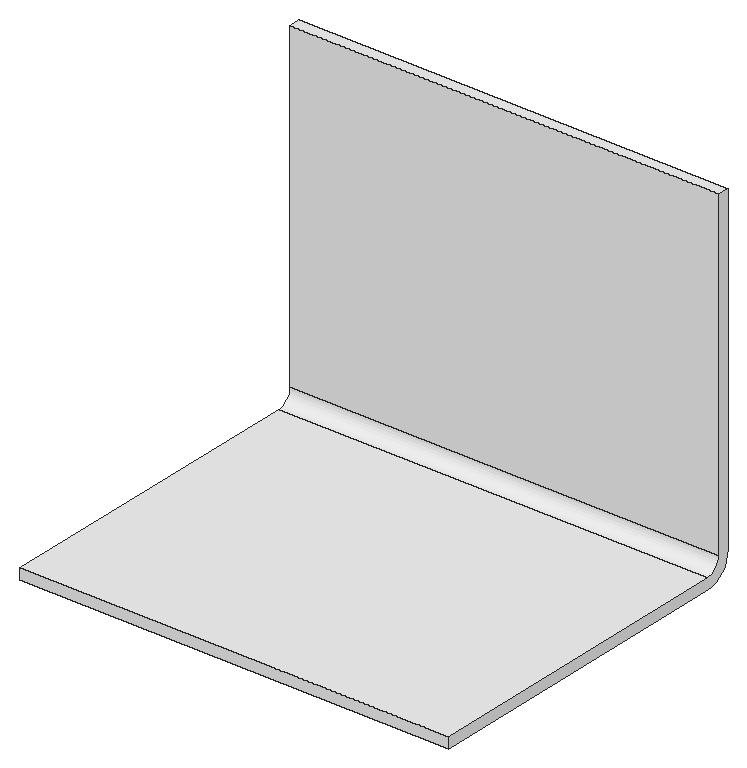
Revit family "JOMA_413, 414 & 415", category Structural Connections, host Face, Revit 2012
Parameters (values of type "4130000")
  yr = ir + t  # 4.562 mm
  t = 2.000 mm
  l = 65.000 mm
  ir = t * 1.281  # 2.562 mm
  h = 65.000 mm
  b = 80.000 mm
  Vinkelbeslag 415 = no
  Vinkelbeslag 414 = no
  Vinkelbeslag 413 = yes
  Vikt = "0,158"
  Typ = "VINKEL 413"
  Spikmönster α꞊0° [instance] = no
  Spikmönster 45°≤α≤90° [instance] = no
  Spikmönster 0°≤α≤45° [instance] = no
  Spik/skruv [instance] = "ANKARSPIK 4,0x40"
  Material = Varmförzinkad stålplåt
  Länk Joma Dimensioneringsverktyg = "http://www.joma.se/dimensioneringsverktyg"
  Default Elevation = 0.000 mm
  Antal spik/skruv i virkesdel B [instance] = if(and(Spikmönster α꞊0°, Vinkelbeslag 413), 5, if(and(Spikmönster 0°≤α≤45°, Vinkelbeslag 414), 6, if(and(Spikmönster 45°≤α≤90°, Vinkelbeslag 414), 6, if(and(Spikmönster 0°≤α≤45°, Vinkelbeslag 415), 4, if(and(Spikmönster 45°≤α≤90°, Vinkelbeslag 415), 4, 0)))))  # 0
  Antal spik/skruv i virkesdel A [instance] = if(and(Spikmönster α꞊0°, Vinkelbeslag 413), 4, if(and(Spikmönster 0°≤α≤45°, Vinkelbeslag 414), 4, if(and(Spikmönster 45°≤α≤90°, Vinkelbeslag 414), 4, if(and(Spikmönster 0°≤α≤45°, Vinkelbeslag 415), 4, if(and(Spikmönster 45°≤α≤90°, Vinkelbeslag 415), 2, 0)))))  # 0
  415 Spikmönster 45°≤α≤90° [instance] = and(Vinkelbeslag 415, Spikmönster 45°≤α≤90°, not(or(Spikmönster α꞊0°, Spikmönster 0°≤α≤45°)))  # no
  415 Spikmönster 0°≤α≤45° [instance] = and(Vinkelbeslag 415, Spikmönster 0°≤α≤45°, not(or(Spikmönster α꞊0°, Spikmönster 45°≤α≤90°)))  # no
  414 Spikmönster 45°≤α≤90° [instance] = and(Vinkelbeslag 414, Spikmönster 45°≤α≤90°, not(or(Spikmönster α꞊0°, Spikmönster 0°≤α≤45°)))  # no
  414 Spikmönster 0°≤α≤45° [instance] = and(Vinkelbeslag 414, Spikmönster 0°≤α≤45°, not(or(Spikmönster α꞊0°, Spikmönster 45°≤α≤90°)))  # no
  413 Spikmönster α꞊0° [instance] = and(Vinkelbeslag 413, Spikmönster α꞊0°, not(or(Spikmönster 0°≤α≤45°, Spikmönster 45°≤α≤90°)))  # no
Types (3, lengths in mm): name | l | h | b | Vinkelbeslag 415 | Vinkelbeslag 414 | Vinkelbeslag 413 | Vikt | Typ
  4130000 | 65.000 | 65.000 | 80.000 | no | no | yes | "0,158" | "VINKEL 413"
  4140000 | 80.000 | 80.000 | 80.000 | no | yes | no | "0,158" | "VINKEL 414"
  4150000 | 62.000 | 83.000 | 40.000 | yes | no | no | "0,091" | "VINKEL 415"
Reference planes
  plane 1 "Center (Front/Back)": y = 0
  plane 2: z = 0
  plane 3 "Center (Left/Right)": x = 0
  plane 4: x = -40
  plane 5: x = 40
  plane 6: y = -65
  plane 7: z = 65
Forms (mm)
  Extrusion 1, solid, material "Varmförzinkad stålplåt" <- "Material"
    sketch origin (0, 0, 0) x (0, 1, 0) y (0, 0, 1)
      loop
        line (0, 65) -> (-2, 65) -> (-2, 4.562)
        arc (-2, 4.562) -> (-2.75, 2.75) -> (-4.562, 2) r 2.562
        line (-4.562, 2) -> (-65, 2) -> (-65, 0) -> (-4.562, 0)
        arc (-4.562, 0) -> (-1.336, 1.336) -> (0, 4.562) r 4.562
        line (0, 4.562) -> (0, 65)
    from -40 to 40
Lines and regions (mm)
  symbolic lines, visible <- "Vinkelbeslag 413"
    curve 1: circle (-30, -50, 0) r 2.5 normal (0, 0, 1)
    curve 2: circle (-30, 0, 50) r 2.5 normal (0, -1, 0)
    curve 3: circle (-10, 0, 50) r 2.5 normal (0, -1, 0)
    curve 4: circle (10, 0, 50) r 2.5 normal (0, -1, 0)
    curve 5: circle (30, 0, 50) r 2.5 normal (0, -1, 0)
    curve 6: circle (20, 0, 30) r 2.5 normal (0, -1, 0)
    curve 7: circle (0, 0, 30) r 2.5 normal (0, -1, 0)
    curve 8: circle (-20, 0, 30) r 2.5 normal (0, -1, 0)
    curve 9: line (-24.167, 0, 6.191) -> (-26.133, 0, 2)
    curve 10: spline (-15.833, 0, 6.191) -> (-16.341, 0, 7.284) -> (-16.947, 0, 8.221) -> (-17.636, 0, 8.977) -> (-18.387, 0, 9.533) -> (-19.183, 0, 9.872) -> (-20, 0, 9.986) -> (-20.817, 0, 9.872) -> (-21.613, 0, 9.533) -> (-22.364, 0, 8.977) -> (-23.053, 0, 8.221) -> (-23.659, 0, 7.284) -> (-24.167, 0, 6.191)
    curve 11: line (-13.867, 0, 2) -> (-15.833, 0, 6.191)
    curve 12: line (15.833, 0, 6.191) -> (13.867, 0, 2)
    curve 13: spline (24.167, 0, 6.191) -> (23.659, 0, 7.284) -> (23.053, 0, 8.221) -> (22.364, 0, 8.977) -> (21.613, 0, 9.533) -> (20.817, 0, 9.872) -> (20, 0, 9.986) -> (19.183, 0, 9.872) -> (18.387, 0, 9.533) -> (17.636, 0, 8.977) -> (16.947, 0, 8.221) -> (16.341, 0, 7.284) -> (15.833, 0, 6.191)
    curve 14: line (26.133, 0, 2) -> (24.167, 0, 6.191)
    curve 78: circle (-10, -50, 0) r 2.5 normal (0, 0, 1)
    curve 79: circle (10, -50, 0) r 2.5 normal (0, 0, 1)
    curve 80: circle (30, -50, 0) r 2.5 normal (0, 0, 1)
    curve 81: circle (20, -30, 0) r 2.5 normal (0, 0, 1)
    curve 82: circle (0, -30, 0) r 2.5 normal (0, 0, 1)
    curve 83: circle (-20, -30, 0) r 2.5 normal (0, 0, 1)
    curve 84: line (-24.167, -6.191, 0) -> (-26.133, -2, 0)
    curve 85: spline (-15.833, -6.191, 0) -> (-16.341, -7.284, 0) -> (-16.947, -8.221, 0) -> (-17.636, -8.977, 0) -> (-18.387, -9.533, 0) -> (-19.183, -9.872, 0) -> (-20, -9.986, 0) -> (-20.817, -9.872, 0) -> (-21.613, -9.533, 0) -> (-22.364, -8.977, 0) -> (-23.053, -8.221, 0) -> (-23.659, -7.284, 0) -> (-24.167, -6.191, 0)
    curve 86: line (-13.867, -2, 0) -> (-15.833, -6.191, 0)
    curve 87: line (15.833, -6.191, 0) -> (13.867, -2, 0)
    curve 88: spline (24.167, -6.191, 0) -> (23.659, -7.284, 0) -> (23.053, -8.221, 0) -> (22.364, -8.977, 0) -> (21.613, -9.533, 0) -> (20.817, -9.872, 0) -> (20, -9.986, 0) -> (19.183, -9.872, 0) -> (18.387, -9.533, 0) -> (17.636, -8.977, 0) -> (16.947, -8.221, 0) -> (16.341, -7.284, 0) -> (15.833, -6.191, 0)
    curve 89: line (26.133, -2, 0) -> (24.167, -6.191, 0)
    curve 153: arc (0, -2, 11.4) -> (0, -2.152, 10.635) -> (0, -2.586, 9.986) r 2
    curve 154: line (0, -2.586, 9.986) -> (0, -9.986, 2.586)
    curve 155: arc (0, -9.986, 2.586) -> (0, -10.635, 2.152) -> (0, -11.4, 2) r 2
  symbolic lines, visible <- "Vinkelbeslag 413", not visible
    curve 15: circle (-30, 0, 50) r 2.5 normal (0, -1, 0)
    curve 16: circle (-10, 0, 50) r 2.5 normal (0, -1, 0)
    curve 17: circle (10, 0, 50) r 2.5 normal (0, -1, 0)
    curve 18: circle (30, 0, 50) r 2.5 normal (0, -1, 0)
    curve 19: circle (20, 0, 30) r 2.5 normal (0, -1, 0)
    curve 20: circle (0, 0, 30) r 2.5 normal (0, -1, 0)
    curve 21: circle (-20, 0, 30) r 2.5 normal (0, -1, 0)
    curve 22: line (-24.167, 0, 6.191) -> (-26.133, 0, 2)
    curve 23: spline (-15.833, 0, 6.191) -> (-16.341, 0, 7.284) -> (-16.947, 0, 8.221) -> (-17.636, 0, 8.977) -> (-18.387, 0, 9.533) -> (-19.183, 0, 9.872) -> (-20, 0, 9.986) -> (-20.817, 0, 9.872) -> (-21.613, 0, 9.533) -> (-22.364, 0, 8.977) -> (-23.053, 0, 8.221) -> (-23.659, 0, 7.284) -> (-24.167, 0, 6.191)
    curve 24: line (-13.867, 0, 2) -> (-15.833, 0, 6.191)
    curve 25: line (15.833, 0, 6.191) -> (13.867, 0, 2)
    curve 26: spline (24.167, 0, 6.191) -> (23.659, 0, 7.284) -> (23.053, 0, 8.221) -> (22.364, 0, 8.977) -> (21.613, 0, 9.533) -> (20.817, 0, 9.872) -> (20, 0, 9.986) -> (19.183, 0, 9.872) -> (18.387, 0, 9.533) -> (17.636, 0, 8.977) -> (16.947, 0, 8.221) -> (16.341, 0, 7.284) -> (15.833, 0, 6.191)
    curve 27: line (26.133, 0, 2) -> (24.167, 0, 6.191)
    curve 90: circle (-30, -50, 0) r 2.5 normal (0, 0, 1)
    curve 91: circle (-10, -50, 0) r 2.5 normal (0, 0, 1)
    curve 92: circle (10, -50, 0) r 2.5 normal (0, 0, 1)
    curve 93: circle (30, -50, 0) r 2.5 normal (0, 0, 1)
    curve 94: circle (20, -30, 0) r 2.5 normal (0, 0, 1)
    curve 95: circle (0, -30, 0) r 2.5 normal (0, 0, 1)
    curve 96: circle (-20, -30, 0) r 2.5 normal (0, 0, 1)
    curve 97: line (-24.167, -6.191, 0) -> (-26.133, -2, 0)
    curve 98: spline (-15.833, -6.191, 0) -> (-16.341, -7.284, 0) -> (-16.947, -8.221, 0) -> (-17.636, -8.977, 0) -> (-18.387, -9.533, 0) -> (-19.183, -9.872, 0) -> (-20, -9.986, 0) -> (-20.817, -9.872, 0) -> (-21.613, -9.533, 0) -> (-22.364, -8.977, 0) -> (-23.053, -8.221, 0) -> (-23.659, -7.284, 0) -> (-24.167, -6.191, 0)
    curve 99: line (-13.867, -2, 0) -> (-15.833, -6.191, 0)
    curve 100: line (15.833, -6.191, 0) -> (13.867, -2, 0)
    curve 101: spline (24.167, -6.191, 0) -> (23.659, -7.284, 0) -> (23.053, -8.221, 0) -> (22.364, -8.977, 0) -> (21.613, -9.533, 0) -> (20.817, -9.872, 0) -> (20, -9.986, 0) -> (19.183, -9.872, 0) -> (18.387, -9.533, 0) -> (17.636, -8.977, 0) -> (16.947, -8.221, 0) -> (16.341, -7.284, 0) -> (15.833, -6.191, 0)
    curve 102: line (26.133, -2, 0) -> (24.167, -6.191, 0)
    curve 162: arc (0, -2, 11.4) -> (0, -2.152, 10.635) -> (0, -2.586, 9.986) r 2
    curve 163: line (0, -2.586, 9.986) -> (0, -9.986, 2.586)
    curve 164: arc (0, -9.986, 2.586) -> (0, -10.635, 2.152) -> (0, -11.4, 2) r 2
  symbolic lines, visible <- "Vinkelbeslag 414"
    curve 28: circle (-30, 0, 65) r 2.5 normal (0, -1, 0)
    curve 29: circle (-10, 0, 65) r 2.5 normal (0, -1, 0)
    curve 30: circle (10, 0, 65) r 2.5 normal (0, -1, 0)
    curve 31: circle (30, 0, 65) r 2.5 normal (0, -1, 0)
    curve 32: circle (20, 0, 45) r 2.5 normal (0, -1, 0)
    curve 33: circle (0, 0, 45) r 2.5 normal (0, -1, 0)
    curve 34: circle (-20, 0, 45) r 2.5 normal (0, -1, 0)
    curve 35: circle (-30, 0, 25) r 2.5 normal (0, -1, 0)
    curve 36: circle (-10, 0, 25) r 2.5 normal (0, -1, 0)
    curve 37: circle (10, 0, 25) r 2.5 normal (0, -1, 0)
    curve 38: circle (30, 0, 25) r 2.5 normal (0, -1, 0)
    curve 39: line (-24.167, 0, 6.191) -> (-26.133, 0, 2)
    curve 40: spline (-15.833, 0, 6.191) -> (-16.341, 0, 7.284) -> (-16.947, 0, 8.221) -> (-17.636, 0, 8.977) -> (-18.387, 0, 9.533) -> (-19.183, 0, 9.872) -> (-20, 0, 9.986) -> (-20.817, 0, 9.872) -> (-21.613, 0, 9.533) -> (-22.364, 0, 8.977) -> (-23.053, 0, 8.221) -> (-23.659, 0, 7.284) -> (-24.167, 0, 6.191)
    curve 41: line (-13.867, 0, 2) -> (-15.833, 0, 6.191)
    curve 42: line (15.833, 0, 6.191) -> (13.867, 0, 2)
    curve 43: spline (24.167, 0, 6.191) -> (23.659, 0, 7.284) -> (23.053, 0, 8.221) -> (22.364, 0, 8.977) -> (21.613, 0, 9.533) -> (20.817, 0, 9.872) -> (20, 0, 9.986) -> (19.183, 0, 9.872) -> (18.387, 0, 9.533) -> (17.636, 0, 8.977) -> (16.947, 0, 8.221) -> (16.341, 0, 7.284) -> (15.833, 0, 6.191)
    curve 44: line (26.133, 0, 2) -> (24.167, 0, 6.191)
    curve 103: circle (-30, -65, 0) r 2.5 normal (0, 0, 1)
    curve 104: circle (-10, -65, 0) r 2.5 normal (0, 0, 1)
    curve 105: circle (10, -65, 0) r 2.5 normal (0, 0, 1)
    curve 106: circle (30, -65, 0) r 2.5 normal (0, 0, 1)
    curve 107: circle (20, -45, 0) r 2.5 normal (0, 0, 1)
    curve 108: circle (0, -45, 0) r 2.5 normal (0, 0, 1)
    curve 109: circle (-20, -45, 0) r 2.5 normal (0, 0, 1)
    curve 110: circle (-30, -25, 0) r 2.5 normal (0, 0, 1)
    curve 111: circle (-10, -25, 0) r 2.5 normal (0, 0, 1)
    curve 112: circle (10, -25, 0) r 2.5 normal (0, 0, 1)
    curve 113: circle (30, -25, 0) r 2.5 normal (0, 0, 1)
    curve 114: line (-24.167, -6.191, 0) -> (-26.133, -2, 0)
    curve 115: spline (-15.833, -6.191, 0) -> (-16.341, -7.284, 0) -> (-16.947, -8.221, 0) -> (-17.636, -8.977, 0) -> (-18.387, -9.533, 0) -> (-19.183, -9.872, 0) -> (-20, -9.986, 0) -> (-20.817, -9.872, 0) -> (-21.613, -9.533, 0) -> (-22.364, -8.977, 0) -> (-23.053, -8.221, 0) -> (-23.659, -7.284, 0) -> (-24.167, -6.191, 0)
    curve 116: line (-13.867, -2, 0) -> (-15.833, -6.191, 0)
    curve 117: line (26.133, -2, 0) -> (24.167, -6.191, 0)
    curve 118: spline (24.167, -6.191, 0) -> (23.659, -7.284, 0) -> (23.053, -8.221, 0) -> (22.364, -8.977, 0) -> (21.613, -9.533, 0) -> (20.817, -9.872, 0) -> (20, -9.986, 0) -> (19.183, -9.872, 0) -> (18.387, -9.533, 0) -> (17.636, -8.977, 0) -> (16.947, -8.221, 0) -> (16.341, -7.284, 0) -> (15.833, -6.191, 0)
    curve 119: line (15.833, -6.191, 0) -> (13.867, -2, 0)
    curve 156: arc (0, -2, 11.4) -> (0, -2.152, 10.635) -> (0, -2.586, 9.986) r 2
    curve 157: line (0, -2.586, 9.986) -> (0, -9.986, 2.586)
    curve 158: arc (0, -9.986, 2.586) -> (0, -10.635, 2.152) -> (0, -11.4, 2) r 2
  symbolic lines, visible <- "Vinkelbeslag 414", not visible
    curve 45: circle (-30, 0, 65) r 2.5 normal (0, -1, 0)
    curve 46: circle (-10, 0, 65) r 2.5 normal (0, -1, 0)
    curve 47: circle (10, 0, 65) r 2.5 normal (0, -1, 0)
    curve 48: circle (30, 0, 65) r 2.5 normal (0, -1, 0)
    curve 49: circle (20, 0, 45) r 2.5 normal (0, -1, 0)
    curve 50: circle (0, 0, 45) r 2.5 normal (0, -1, 0)
    curve 51: circle (-20, 0, 45) r 2.5 normal (0, -1, 0)
    curve 52: circle (-30, 0, 25) r 2.5 normal (0, -1, 0)
    curve 53: circle (-10, 0, 25) r 2.5 normal (0, -1, 0)
    curve 54: circle (10, 0, 25) r 2.5 normal (0, -1, 0)
    curve 55: circle (30, 0, 25) r 2.5 normal (0, -1, 0)
    curve 56: line (-24.167, 0, 6.191) -> (-26.133, 0, 2)
    curve 57: spline (-15.833, 0, 6.191) -> (-16.341, 0, 7.284) -> (-16.947, 0, 8.221) -> (-17.636, 0, 8.977) -> (-18.387, 0, 9.533) -> (-19.183, 0, 9.872) -> (-20, 0, 9.986) -> (-20.817, 0, 9.872) -> (-21.613, 0, 9.533) -> (-22.364, 0, 8.977) -> (-23.053, 0, 8.221) -> (-23.659, 0, 7.284) -> (-24.167, 0, 6.191)
    curve 58: line (-13.867, 0, 2) -> (-15.833, 0, 6.191)
    curve 59: line (15.833, 0, 6.191) -> (13.867, 0, 2)
    curve 60: spline (24.167, 0, 6.191) -> (23.659, 0, 7.284) -> (23.053, 0, 8.221) -> (22.364, 0, 8.977) -> (21.613, 0, 9.533) -> (20.817, 0, 9.872) -> (20, 0, 9.986) -> (19.183, 0, 9.872) -> (18.387, 0, 9.533) -> (17.636, 0, 8.977) -> (16.947, 0, 8.221) -> (16.341, 0, 7.284) -> (15.833, 0, 6.191)
    curve 61: line (26.133, 0, 2) -> (24.167, 0, 6.191)
    curve 120: circle (-30, -65, 0) r 2.5 normal (0, 0, 1)
    curve 121: circle (-10, -65, 0) r 2.5 normal (0, 0, 1)
    curve 122: circle (10, -65, 0) r 2.5 normal (0, 0, 1)
    curve 123: circle (30, -65, 0) r 2.5 normal (0, 0, 1)
    curve 124: circle (20, -45, 0) r 2.5 normal (0, 0, 1)
    curve 125: circle (0, -45, 0) r 2.5 normal (0, 0, 1)
    curve 126: circle (-20, -45, 0) r 2.5 normal (0, 0, 1)
    curve 127: circle (-30, -25, 0) r 2.5 normal (0, 0, 1)
    curve 128: circle (-10, -25, 0) r 2.5 normal (0, 0, 1)
    curve 129: circle (10, -25, 0) r 2.5 normal (0, 0, 1)
    curve 130: circle (30, -25, 0) r 2.5 normal (0, 0, 1)
    curve 131: line (-24.167, -6.191, 0) -> (-26.133, -2, 0)
    curve 132: spline (-15.833, -6.191, 0) -> (-16.341, -7.284, 0) -> (-16.947, -8.221, 0) -> (-17.636, -8.977, 0) -> (-18.387, -9.533, 0) -> (-19.183, -9.872, 0) -> (-20, -9.986, 0) -> (-20.817, -9.872, 0) -> (-21.613, -9.533, 0) -> (-22.364, -8.977, 0) -> (-23.053, -8.221, 0) -> (-23.659, -7.284, 0) -> (-24.167, -6.191, 0)
    curve 133: line (-13.867, -2, 0) -> (-15.833, -6.191, 0)
    curve 134: line (26.133, -2, 0) -> (24.167, -6.191, 0)
    curve 135: spline (24.167, -6.191, 0) -> (23.659, -7.284, 0) -> (23.053, -8.221, 0) -> (22.364, -8.977, 0) -> (21.613, -9.533, 0) -> (20.817, -9.872, 0) -> (20, -9.986, 0) -> (19.183, -9.872, 0) -> (18.387, -9.533, 0) -> (17.636, -8.977, 0) -> (16.947, -8.221, 0) -> (16.341, -7.284, 0) -> (15.833, -6.191, 0)
    curve 136: line (15.833, -6.191, 0) -> (13.867, -2, 0)
    curve 165: arc (0, -2, 11.4) -> (0, -2.152, 10.635) -> (0, -2.586, 9.986) r 2
    curve 166: line (0, -2.586, 9.986) -> (0, -9.986, 2.586)
    curve 167: arc (0, -9.986, 2.586) -> (0, -10.635, 2.152) -> (0, -11.4, 2) r 2
  symbolic lines, visible <- "Vinkelbeslag 415"
    curve 62: circle (12, 0, 73) r 2.5 normal (0, -1, 0)
    curve 63: circle (12, 0, 53) r 2.5 normal (0, -1, 0)
    curve 64: circle (12, 0, 33) r 2.5 normal (0, -1, 0)
    curve 65: circle (-12, 0, 43) r 2.5 normal (0, -1, 0)
    curve 66: circle (-12, 0, 63) r 2.5 normal (0, -1, 0)
    curve 67: line (-7.118, 0, 2) -> (-5.17, 0, 7.747)
    curve 68: spline (5.17, 0, 7.747) -> (4.469, 0, 11.266) -> (3.682, 0, 14.242) -> (2.825, 0, 16.617) -> (1.914, 0, 18.347) -> (0.966, 0, 19.399) -> (0, 0, 19.752) -> (-0.966, 0, 19.399) -> (-1.914, 0, 18.347) -> (-2.825, 0, 16.617) -> (-3.682, 0, 14.242) -> (-4.469, 0, 11.266) -> (-5.17, 0, 7.747)
    curve 69: line (5.17, 0, 7.747) -> (7.118, 0, 2)
    curve 137: circle (-12, -52, 0) r 2.5 normal (0, 0, 1)
    curve 138: circle (12, -52, 0) r 2.5 normal (0, 0, 1)
    curve 139: circle (-12, -12, 0) r 2.5 normal (0, 0, 1)
    curve 140: circle (12, -12, 0) r 2.5 normal (0, 0, 1)
    curve 141: circle (0, -32, 0) r 2.5 normal (0, 0, 1)
    curve 142: line (-5.169, -7.749, 0) -> (-7.117, -2, 0)
    curve 143: spline (-5.169, -7.749, 0) -> (-4.468, -11.267, 0) -> (-3.682, -14.243, 0) -> (-2.825, -16.618, 0) -> (-1.914, -18.348, 0) -> (-0.966, -19.399, 0) -> (0, -19.752, 0) -> (0.966, -19.399, 0) -> (1.914, -18.348, 0) -> (2.825, -16.618, 0) -> (3.682, -14.243, 0) -> (4.468, -11.267, 0) -> (5.169, -7.749, 0)
    curve 144: line (7.117, -2, 0) -> (5.169, -7.749, 0)
    curve 159: line (0, -4.205, 8.164) -> (0, -2.036, 19.372)
    curve 160: arc (0, -4.205, 8.164) -> (0, -5.578, 5.578) -> (0, -8.164, 4.205) r 5
    curve 161: line (0, -19.372, 2.036) -> (0, -8.164, 4.205)
  symbolic lines, visible <- "Vinkelbeslag 415", not visible
    curve 70: circle (12, 0, 73) r 2.5 normal (0, -1, 0)
    curve 71: circle (12, 0, 53) r 2.5 normal (0, -1, 0)
    curve 72: circle (12, 0, 33) r 2.5 normal (0, -1, 0)
    curve 73: circle (-12, 0, 43) r 2.5 normal (0, -1, 0)
    curve 74: circle (-12, 0, 63) r 2.5 normal (0, -1, 0)
    curve 75: line (-7.118, 0, 2) -> (-5.17, 0, 7.747)
    curve 76: spline (5.17, 0, 7.747) -> (4.469, 0, 11.266) -> (3.682, 0, 14.242) -> (2.825, 0, 16.617) -> (1.914, 0, 18.347) -> (0.966, 0, 19.399) -> (0, 0, 19.752) -> (-0.966, 0, 19.399) -> (-1.914, 0, 18.347) -> (-2.825, 0, 16.617) -> (-3.682, 0, 14.242) -> (-4.469, 0, 11.266) -> (-5.17, 0, 7.747)
    curve 77: line (5.17, 0, 7.747) -> (7.118, 0, 2)
    curve 145: circle (-12, -52, 0) r 2.5 normal (0, 0, 1)
    curve 146: circle (12, -52, 0) r 2.5 normal (0, 0, 1)
    curve 147: circle (-12, -12, 0) r 2.5 normal (0, 0, 1)
    curve 148: circle (12, -12, 0) r 2.5 normal (0, 0, 1)
    curve 149: circle (0, -32, 0) r 2.5 normal (0, 0, 1)
    curve 150: line (-5.169, -7.749, 0) -> (-7.117, -2, 0)
    curve 151: spline (-5.169, -7.749, 0) -> (-4.468, -11.267, 0) -> (-3.682, -14.243, 0) -> (-2.825, -16.618, 0) -> (-1.914, -18.348, 0) -> (-0.966, -19.399, 0) -> (0, -19.752, 0) -> (0.966, -19.399, 0) -> (1.914, -18.348, 0) -> (2.825, -16.618, 0) -> (3.682, -14.243, 0) -> (4.468, -11.267, 0) -> (5.169, -7.749, 0)
    curve 152: line (7.117, -2, 0) -> (5.169, -7.749, 0)
    curve 168: line (0, -4.205, 8.164) -> (0, -2.036, 19.372)
    curve 169: arc (0, -4.205, 8.164) -> (0, -5.578, 5.578) -> (0, -8.164, 4.205) r 5
    curve 170: line (0, -19.372, 2.036) -> (0, -8.164, 4.205)
Text (mm)
  text "Virkesdel B" at (235.458, -11.936, 0), in view "Ref. Level"
  text "Virkesdel A" at (240.875, 0, 103.28), in view "Front"
Dimensions and locks
  "b": plane 5 to plane 4
  "l": plane 1 "Center (Front/Back)" to plane 6
  "h": plane 7 to host face
  equal spacing: plane 5, plane 3 "Center (Left/Right)", plane 4
  "t": plane 1 "Center (Front/Back)" to Extrusion 1
  "t": Extrusion 1 to host face
  "ir": radius of Extrusion 1 sketch curve
  "yr": radius of Extrusion 1 sketch curve
  aligned and locked: plane 2 to host face
  aligned and locked: level to host face
  aligned and locked: plane 5 to Extrusion 1
  aligned and locked: Extrusion 1 to plane 4
  aligned and locked: Extrusion 1 to plane 6
  aligned and locked: plane 7 to Extrusion 1
Automatic sketch dimensions
  host sketch curve to host sketch curve = 2438.400 mm  (x2)
  Extrusion 1 sketch curve to plane 6 = 0.000 mm
  Extrusion 1 sketch curve to level = 0.000 mm
  Extrusion 1 sketch curve to plane 7 = 0.000 mm
  Extrusion 1 sketch curve to plane 1 "Center (Front/Back)" = 0.000 mm
  Extrusion 1 sketch curve to Extrusion 1 sketch curve = 0.000 mm
  level to Extrusion 1 sketch curve = 2.000 mm
Nested families
  nested 1: "Spikmönster" at (-30, -50, 0), visible <- "413 Spikmönster α꞊0°", type "Ø5"
  nested 2: "Spikmönster" at (-20, -30, 0), visible <- "413 Spikmönster α꞊0°", type "Ø5"
  nested 3: "Spikmönster" at (0, -30, 0), visible <- "413 Spikmönster α꞊0°", type "Ø5"
  nested 4: "Spikmönster" at (20, -30, 0), visible <- "413 Spikmönster α꞊0°", type "Ø5"
  nested 5: "Spikmönster" at (30, -50, 0), visible <- "413 Spikmönster α꞊0°", type "Ø5"
  nested 6: "Spikmönster" at (-30, -50, 0), visible <- "413 Spikmönster α꞊0°", type "Ø5", not visible
  nested 7: "Spikmönster" at (-20, -30, 0), visible <- "413 Spikmönster α꞊0°", type "Ø5", not visible
  nested 8: "Spikmönster" at (0, -30, 0), visible <- "413 Spikmönster α꞊0°", type "Ø5", not visible
  nested 9: "Spikmönster" at (20, -30, 0), visible <- "413 Spikmönster α꞊0°", type "Ø5", not visible
  nested 10: "Spikmönster" at (30, -50, 0), visible <- "413 Spikmönster α꞊0°", type "Ø5", not visible
  nested 11: "Spikmönster" at (30, -25, 0), visible <- "414 Spikmönster 0°≤α≤45°", type "Ø5"
  nested 12: "Spikmönster" at (10, -25, 0), visible <- "414 Spikmönster 0°≤α≤45°", type "Ø5"
  nested 13: "Spikmönster" at (-10, -25, 0), visible <- "414 Spikmönster 0°≤α≤45°", type "Ø5"
  nested 14: "Spikmönster" at (-30, -25, 0), visible <- "414 Spikmönster 0°≤α≤45°", type "Ø5"
  nested 15: "Spikmönster" at (-30, -65, 0), visible <- "414 Spikmönster 0°≤α≤45°", type "Ø5"
  nested 16: "Spikmönster" at (30, -65, 0), visible <- "414 Spikmönster 0°≤α≤45°", type "Ø5"
  nested 17: "Spikmönster" at (-30, -25, 0), visible <- "414 Spikmönster 45°≤α≤90°", type "Ø5"
  nested 18: "Spikmönster" at (-10, -25, 0), visible <- "414 Spikmönster 45°≤α≤90°", type "Ø5"
  nested 19: "Spikmönster" at (10, -25, 0), visible <- "414 Spikmönster 45°≤α≤90°", type "Ø5"
  nested 20: "Spikmönster" at (30, -25, 0), visible <- "414 Spikmönster 45°≤α≤90°", type "Ø5"
  nested 21: "Spikmönster" at (30, -65, 0), visible <- "414 Spikmönster 45°≤α≤90°", type "Ø5"
  nested 22: "Spikmönster" at (-30, -65, 0), visible <- "414 Spikmönster 45°≤α≤90°", type "Ø5"
  nested 23: "Spikmönster" at (30, -25, 0), visible <- "414 Spikmönster 0°≤α≤45°", type "Ø5", not visible
  nested 24: "Spikmönster" at (10, -25, 0), visible <- "414 Spikmönster 0°≤α≤45°", type "Ø5", not visible
  nested 25: "Spikmönster" at (-10, -25, 0), visible <- "414 Spikmönster 0°≤α≤45°", type "Ø5", not visible
  nested 26: "Spikmönster" at (-30, -25, 0), visible <- "414 Spikmönster 0°≤α≤45°", type "Ø5", not visible
  nested 27: "Spikmönster" at (-30, -65, 0), visible <- "414 Spikmönster 0°≤α≤45°", type "Ø5", not visible
  nested 28: "Spikmönster" at (30, -65, 0), visible <- "414 Spikmönster 0°≤α≤45°", type "Ø5", not visible
  nested 29: "Spikmönster" at (-30, -25, 0), visible <- "414 Spikmönster 45°≤α≤90°", type "Ø5", not visible
  nested 30: "Spikmönster" at (-10, -25, 0), visible <- "414 Spikmönster 45°≤α≤90°", type "Ø5", not visible
  nested 31: "Spikmönster" at (10, -25, 0), visible <- "414 Spikmönster 45°≤α≤90°", type "Ø5", not visible
  nested 32: "Spikmönster" at (30, -25, 0), visible <- "414 Spikmönster 45°≤α≤90°", type "Ø5", not visible
  nested 33: "Spikmönster" at (30, -65, 0), visible <- "414 Spikmönster 45°≤α≤90°", type "Ø5", not visible
  nested 34: "Spikmönster" at (-30, -65, 0), visible <- "414 Spikmönster 45°≤α≤90°", type "Ø5", not visible
  nested 35: "Spikmönster" at (-12, -12, 0), visible <- "415 Spikmönster 0°≤α≤45°", type "Ø5"
  nested 36: "Spikmönster" at (12, -12, 0), visible <- "415 Spikmönster 0°≤α≤45°", type "Ø5"
  nested 37: "Spikmönster" at (12, -52, 0), visible <- "415 Spikmönster 0°≤α≤45°", type "Ø5"
  nested 38: "Spikmönster" at (-12, -52, 0), visible <- "415 Spikmönster 0°≤α≤45°", type "Ø5"
  nested 39: "Spikmönster" at (-12, -12, 0), visible <- "415 Spikmönster 45°≤α≤90°", type "Ø5"
  nested 40: "Spikmönster" at (12, -12, 0), visible <- "415 Spikmönster 45°≤α≤90°", type "Ø5"
  nested 41: "Spikmönster" at (12, -52, 0), visible <- "415 Spikmönster 45°≤α≤90°", type "Ø5"
  nested 42: "Spikmönster" at (-12, -52, 0), visible <- "415 Spikmönster 45°≤α≤90°", type "Ø5"
  nested 43: "Spikmönster" at (-12, -12, 0), visible <- "415 Spikmönster 0°≤α≤45°", type "Ø5", not visible
  nested 44: "Spikmönster" at (12, -12, 0), visible <- "415 Spikmönster 0°≤α≤45°", type "Ø5", not visible
  nested 45: "Spikmönster" at (12, -52, 0), visible <- "415 Spikmönster 0°≤α≤45°", type "Ø5", not visible
  nested 46: "Spikmönster" at (-12, -52, 0), visible <- "415 Spikmönster 0°≤α≤45°", type "Ø5", not visible
  nested 47: "Spikmönster" at (-12, -12, 0), visible <- "415 Spikmönster 45°≤α≤90°", type "Ø5", not visible
  nested 48: "Spikmönster" at (12, -12, 0), visible <- "415 Spikmönster 45°≤α≤90°", type "Ø5", not visible
  nested 49: "Spikmönster" at (12, -52, 0), visible <- "415 Spikmönster 45°≤α≤90°", type "Ø5", not visible
  nested 50: "Spikmönster" at (-12, -52, 0), visible <- "415 Spikmönster 45°≤α≤90°", type "Ø5", not visible
  nested 51: "Spikmönster" at (-30, 0, 50) x (1, 0, 0) z (0, -1, 0), visible <- "413 Spikmönster α꞊0°", type "Ø5"
  nested 52: "Spikmönster" at (-20, 0, 30) x (1, 0, 0) z (0, -1, 0), visible <- "413 Spikmönster α꞊0°", type "Ø5"
  nested 53: "Spikmönster" at (20, 0, 30) x (1, 0, 0) z (0, -1, 0), visible <- "413 Spikmönster α꞊0°", type "Ø5"
  nested 54: "Spikmönster" at (30, 0, 50) x (1, 0, 0) z (0, -1, 0), visible <- "413 Spikmönster α꞊0°", type "Ø5"
  nested 55: "Spikmönster" at (-30, 0, 50) x (1, 0, 0) z (0, -1, 0), visible <- "413 Spikmönster α꞊0°", type "Ø5", not visible
  nested 56: "Spikmönster" at (-20, 0, 30) x (1, 0, 0) z (0, -1, 0), visible <- "413 Spikmönster α꞊0°", type "Ø5", not visible
  nested 57: "Spikmönster" at (20, 0, 30) x (1, 0, 0) z (0, -1, 0), visible <- "413 Spikmönster α꞊0°", type "Ø5", not visible
  nested 58: "Spikmönster" at (30, 0, 50) x (1, 0, 0) z (0, -1, 0), visible <- "413 Spikmönster α꞊0°", type "Ø5", not visible
  nested 59: "Spikmönster" at (-30, 0, 65) x (1, 0, 0) z (0, -1, 0), visible <- "414 Spikmönster 0°≤α≤45°", type "Ø5"
  nested 60: "Spikmönster" at (-20, 0, 45) x (1, 0, 0) z (0, -1, 0), visible <- "414 Spikmönster 0°≤α≤45°", type "Ø5"
  nested 61: "Spikmönster" at (20, 0, 45) x (1, 0, 0) z (0, -1, 0), visible <- "414 Spikmönster 0°≤α≤45°", type "Ø5"
  nested 62: "Spikmönster" at (30, 0, 65) x (1, 0, 0) z (0, -1, 0), visible <- "414 Spikmönster 0°≤α≤45°", type "Ø5"
  nested 63: "Spikmönster" at (-30, 0, 65) x (1, 0, 0) z (0, -1, 0), visible <- "414 Spikmönster 45°≤α≤90°", type "Ø5"
  nested 64: "Spikmönster" at (-10, 0, 65) x (1, 0, 0) z (0, -1, 0), visible <- "414 Spikmönster 45°≤α≤90°", type "Ø5"
  nested 65: "Spikmönster" at (10, 0, 65) x (1, 0, 0) z (0, -1, 0), visible <- "414 Spikmönster 45°≤α≤90°", type "Ø5"
  nested 66: "Spikmönster" at (30, 0, 65) x (1, 0, 0) z (0, -1, 0), visible <- "414 Spikmönster 45°≤α≤90°", type "Ø5"
  nested 67: "Spikmönster" at (-30, 0, 65) x (1, 0, 0) z (0, -1, 0), visible <- "414 Spikmönster 0°≤α≤45°", type "Ø5", not visible
  nested 68: "Spikmönster" at (-20, 0, 45) x (1, 0, 0) z (0, -1, 0), visible <- "414 Spikmönster 0°≤α≤45°", type "Ø5", not visible
  nested 69: "Spikmönster" at (20, 0, 45) x (1, 0, 0) z (0, -1, 0), visible <- "414 Spikmönster 0°≤α≤45°", type "Ø5", not visible
  nested 70: "Spikmönster" at (30, 0, 65) x (1, 0, 0) z (0, -1, 0), visible <- "414 Spikmönster 0°≤α≤45°", type "Ø5", not visible
  nested 71: "Spikmönster" at (-30, 0, 65) x (1, 0, 0) z (0, -1, 0), visible <- "414 Spikmönster 45°≤α≤90°", type "Ø5", not visible
  nested 72: "Spikmönster" at (-10, 0, 65) x (1, 0, 0) z (0, -1, 0), visible <- "414 Spikmönster 45°≤α≤90°", type "Ø5", not visible
  nested 73: "Spikmönster" at (10, 0, 65) x (1, 0, 0) z (0, -1, 0), visible <- "414 Spikmönster 45°≤α≤90°", type "Ø5", not visible
  nested 74: "Spikmönster" at (30, 0, 65) x (1, 0, 0) z (0, -1, 0), visible <- "414 Spikmönster 45°≤α≤90°", type "Ø5", not visible
  nested 75: "Spikmönster" at (-12, 0, 63) x (1, 0, 0) z (0, -1, 0), visible <- "415 Spikmönster 0°≤α≤45°", type "Ø5"
  nested 76: "Spikmönster" at (-12, 0, 43) x (1, 0, 0) z (0, -1, 0), visible <- "415 Spikmönster 0°≤α≤45°", type "Ø5"
  nested 77: "Spikmönster" at (12, 0, 73) x (1, 0, 0) z (0, -1, 0), visible <- "415 Spikmönster 0°≤α≤45°", type "Ø5"
  nested 78: "Spikmönster" at (12, 0, 33) x (1, 0, 0) z (0, -1, 0), visible <- "415 Spikmönster 0°≤α≤45°", type "Ø5"
  nested 79: "Spikmönster" at (-12, 0, 63) x (1, 0, 0) z (0, -1, 0), visible <- "415 Spikmönster 45°≤α≤90°", type "Ø5"
  nested 80: "Spikmönster" at (12, 0, 73) x (1, 0, 0) z (0, -1, 0), visible <- "415 Spikmönster 45°≤α≤90°", type "Ø5"
  nested 81: "Spikmönster" at (-12, 0, 63) x (1, 0, 0) z (0, -1, 0), visible <- "415 Spikmönster 0°≤α≤45°", type "Ø5", not visible
  nested 82: "Spikmönster" at (-12, 0, 43) x (1, 0, 0) z (0, -1, 0), visible <- "415 Spikmönster 0°≤α≤45°", type "Ø5", not visible
  nested 83: "Spikmönster" at (12, 0, 73) x (1, 0, 0) z (0, -1, 0), visible <- "415 Spikmönster 0°≤α≤45°", type "Ø5", not visible
  nested 84: "Spikmönster" at (12, 0, 33) x (1, 0, 0) z (0, -1, 0), visible <- "415 Spikmönster 0°≤α≤45°", type "Ø5", not visible
  nested 85: "Spikmönster" at (-12, 0, 63) x (1, 0, 0) z (0, -1, 0), visible <- "415 Spikmönster 45°≤α≤90°", type "Ø5", not visible
  nested 86: "Spikmönster" at (12, 0, 73) x (1, 0, 0) z (0, -1, 0), visible <- "415 Spikmönster 45°≤α≤90°", type "Ø5", not visible
Definition of nested family "Spikmönster"
  Parameters (values of type "Ø11")
    Radie = 5.500 mm
  Types (3, lengths in mm): name | Radie
    (no name) | 5.500
    Ø5 | 2.500
    Ø11 | 5.500
  Reference planes
    plane 1 "Center (Front/Back)": y = 0
    plane 2: z = 0
    plane 3 "Center (Left/Right)": x = 0
  Lines and regions (mm)
    Filled region 1, type "Solid Fill - Black", in view "Ref. Level"
      outline origin (0, 0, 0) x (1, 0, 0) y (0, 1, 0)
        loop
          circle (0, 0) r 5.5
  Dimensions and locks
    "Radie": radius of Filled region 1 sketch curve
  Automatic sketch dimensions
    plane 1 "Center (Front/Back)" to Filled region 1 sketch curve = 0.000 mm
    Filled region 1 sketch curve to plane 3 "Center (Left/Right)" = 0.000 mm
